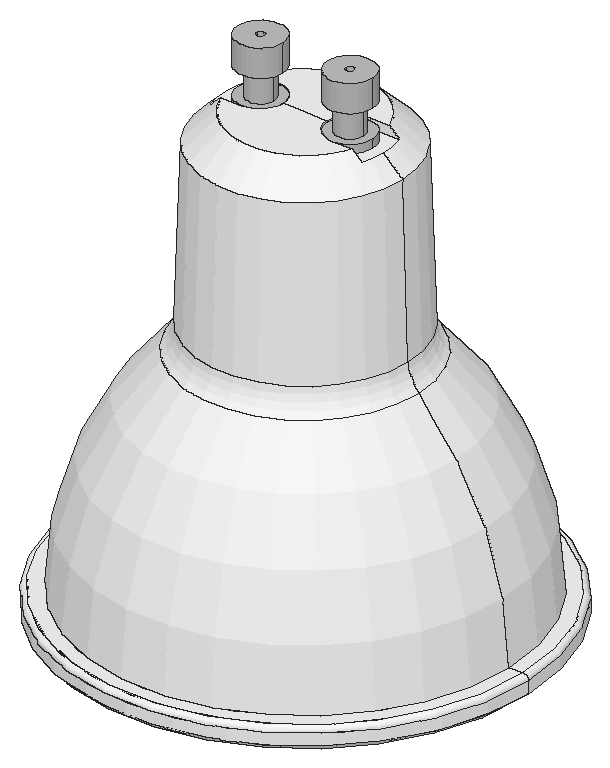
Revit family "STL21522_27", category Luminárias, Revit 2023
Family settings
  Cota do conector redondo = Utilizar diâmetro
  Tipo de parte = Normal
  Com base no plano de trabalho = Não
  Sempre na vertical = Sim
  Corte com vazios quando carregada = Não
  Fonte luminosa = Sim
  Manter orientação da anotação = Não
  Compartilhado = Não
  Ponto de cálculo do ambiente = Não
Parameters (values of type "STL21522/27 - 220V - 2700K - 350lm - 10°")
  Ângulo de inclinação = 90.00°
  Ângulo de Abertura = "10°"
  Wattage = 2.35624 W
  Vidro = Vidro
  URL = "https://stella.com.br/"
  Troca de temperatura da cor de lâmpada com esmaecimento = <Nenhum>
  Tensão Elétrica = "220V"
  built-in parameter 1150107 = 2700 (stored number, unit not read)
  Temperatura da cor (K) = 2700 K
  Referência = "STL21522/27 - 220V"
  Potência = 5.7 W
  built-in parameter 1150110 = 1 (stored number, unit not read)
  built-in parameter 1150109 = 1 (stored number, unit not read)
  built-in parameter 1114218 = 1 (stored number, unit not read)
  built-in parameter 1150112 = 1 (stored number, unit not read)
  built-in parameter 1150113 = 1 (stored number, unit not read)
  built-in parameter 1150142 = "IESNA:LM-63-2002\r\n[TEST] Viso BaseSpion - serial: 2183678036 sensor serial: 1483989726\r\n[TESTLAB] Viso BaseSpion - serial: 2183678036 sensor serial: 1483989726 - Test lab\r\n[MANUFAC] N/A\r\n[ISSUEDATE] 07/08/2021\r\n[LUMINAIRE] STELLA - STL21522/27 - DICROICA MR16 EVO 10° 5,7W DIMERIZAVEL 220V\r\n[LUMCAT] N/A\r\n[_SERIALNUMBER] VFR-210807-3601-MS\r\nTILT=NONE\r\n1 428 1 91 1 1 2 -0.463 -0.463 0.56\r\n1.0 1.0 5.88\r\n0 1 2 3 4 5 6 7 8 9 10 11 12 13 14 15 16 17 18 19 20 21 22 23 24 25 26 27 28 29 30 31 32 33 34 35 36 37 38 39 40 41 42 43 44 45 46 47 48 49 50 51 52 53 54 55 56 57 58 59 60 61 62 63 64 65 66 67 68 69 70 71 72 73 74 75 76 77 78 79 80\r\n 81 82 83 84 85 86 87 88 89 90\r\n0 \r\n4979.19873 4909.233887 4690.138672 4311.236328 3786.930176 3152.363525 2473.534912 1832.089233 1297.187866 895.381348 619.908813 448.712555 346.206146 277.943115 229.480865 194.019226 164.592712 138.479904 117.119789 101.430473 89.542931\r\n 80.177177 72.944397 67.338142 62.562599 58.334675 54.819599 52.105492 49.960327 48.191807 46.767376 45.639309 44.695984 43.693211 42.651955 41.753563 41.094814 40.737377 40.623108 40.652088 40.776115 40.987068 41.160721 41.202477\r\n 41.160492 41.054131 40.896126 40.66008 40.324352 39.994961 39.699787 39.360229 38.93103 38.422932 37.810253 37.102543 36.317219 35.405487 34.363579 33.208195 31.961214 30.603615 29.198944 27.822702 26.430981 25.072752 23.739988 22.461731\r\n 21.214699 19.991858 18.783331 17.559313 16.395395 15.263227 14.140355 13.061158 12.001249 10.952531 9.913855 8.891204 7.887712 6.895373 5.908016 4.932541 4.016744 3.159569 2.355203 1.646635 1.038874 0.553955 0.138987\r\n"
  built-in parameter 1150132 = 2
  built-in parameter 1150137 = (empty or 0)
  Modelo = "Dicroica MR16 EVO - Dimerizável"
  Luminoso [instance] = Luminoso - 2700
  built-in parameter 1150106 = 35.93 (stored number, unit not read)
  built-in parameter 1150102 = (empty or 0)
  built-in parameter 1150105 = 3593 (stored number, unit not read)
  IRC (Índice de reprodução de cores) = ">95 (R9 >80)"
  Grau de proteção (IP) = "IP20"
  Fluxo Luminoso = 350 lm
  Color Filter = 16777215
  built-in parameter 1114217 = 1 (stored number, unit not read)
  built-in parameter 1150139 = (empty or 0)
  Fabricante = "Stella"
  Estrutura [instance] = Al - Branco
  Default Elevation = 0.00 m
  built-in parameter 1150104 = 13.8 (stored number, unit not read)
  Diâmetro = 0.05 m
  Dimerização = "20-100%"
  built-in parameter 1150115 = 1 (stored number, unit not read)
  built-in parameter 1150114 = 1 (stored number, unit not read)
  Cromado [instance] = Cromado
  Lumens = 350 lm
  built-in parameter 1150138 = (empty or 0)
  built-in parameter 1150134 = (empty or 0)
  Arquivo de rede fotométrica = "STELLA - STL21522-27 - DICROICA MR16 EVO 10° 5,7W DIMERIZAVEL 220V.ies"
  Altura = 0.056 m
  built-in parameter 1150133 = 10 (stored number, unit not read)
Reference planes (m)
  plane 1 "Centro (Frente/Trás)": y = 0
  plane 2: z = 0
  plane 3 "Centro (Esquerda/Direita)": x = 0
  plane 4: x = 0.025
  plane 5: x = -0.025
  plane 6 "Superior": z = 0.0536
  plane 7 "Base": z = -0.0024
  plane 8: y = 0.025
  plane 9: y = -0.025
Forms (m)
  Extrusion 1, void
    sketch origin (0.007403, -0.129323, 0) x (1, 0, 0) y (0, 1, 0)
      loop
        arc (-0.009858, 0.129323) -> (-0.010631, 0.131192) -> (-0.0125, 0.131966) r 0.002642
        line (-0.0125, 0.131966) -> (-0.016641, 0.131966)
        arc (-0.016641, 0.131966) -> (-0.016798, 0.130733) -> (-0.016859, 0.129493) r 0.016069
        arc (-0.016859, 0.129493) -> (-0.016812, 0.128082) -> (-0.016641, 0.126681) r 0.016069
        line (-0.016641, 0.126681) -> (-0.0125, 0.126681)
        arc (-0.0125, 0.126681) -> (-0.010631, 0.127455) -> (-0.009858, 0.129323) r 0.002642
    from 0.0466 to 0.0476
  Extrusion 2, solid, material "Cromado" <- "Cromado"
    sketch origin (0, 0, 0) x (1, 0, 0) y (0, 1, 0)
      loop
        circle (-0.005, 0) r 0.0025
    from 0.0466 to 0.0475
  Extrusion 3, solid, material "Cromado" <- "Cromado"
    sketch origin (0, 0, 0) x (1, 0, 0) y (0, 1, 0)
      loop
        circle (-0.005, 0) r 0.0015
    from 0.0475 to 0.0506
  Extrusion 4, solid, material "Cromado" <- "Cromado"
    sketch origin (0, 0, 0) x (1, 0, 0) y (0, 1, 0)
      loop
        circle (-0.005, 0) r 0.0025
    from 0.0536 to 0.0506
  Extrusion 5, solid, material "Cromado" <- "Cromado"
    sketch origin (0, 0, 0) x (-1, 0, 0) y (0, -1, 0)
      loop
        circle (-0.005, 0) r 0.0025
    from 0.0466 to 0.0475
  Extrusion 6, solid, material "Cromado" <- "Cromado"
    sketch origin (0, 0, 0) x (-1, 0, 0) y (0, -1, 0)
      loop
        circle (-0.005, 0) r 0.0015
    from 0.0475 to 0.0506
  Extrusion 7, solid, material "Cromado" <- "Cromado"
    sketch origin (0, 0, 0) x (-1, 0, 0) y (0, -1, 0)
      loop
        circle (-0.005, 0) r 0.0025
    from 0.0536 to 0.0506
  Extrusion 8, void
    sketch origin (0, 0, 0) x (1, 0, 0) y (0, 1, 0)
      loop
        circle (-0.005, 0) r 0.00045
    from 0.0536 to 0.0474
  Extrusion 9, void
    sketch origin (0, 0, 0) x (-1, 0, 0) y (0, -1, 0)
      loop
        circle (-0.005, 0) r 0.00045
    from 0.0474 to 0.0536
  Revolve 10, solid, material "Al - Branco" <- "Estrutura"
    sketch origin (0, 0, 0) x (1, 0, 0) y (0, 0, 1)
      loop
        line (0.00775, 0.0476) -> (0, 0.0476) -> (0, 0.046) -> (0.00711, 0.046) -> (0.009319, 0.043896) -> (0.009901, 0.026547)
        arc (0.009901, 0.026547) -> (0.010373, 0.024475) -> (0.011583, 0.022729) r 0.0056
        arc (0.011583, 0.022729) -> (0.015924, 0.01746) -> (0.01904, 0.011386) r 0.031783
        arc (0.01904, 0.011386) -> (0.020153, 0.007263) -> (0.0204, 0.003) r 0.0208
        line (0.0204, 0.003) -> (0.020429, 0.001321)
        arc (0.020429, 0.001321) -> (0.022197, 0.000225) -> (0.023914, -0.00095) r 0.046279
        line (0.023914, -0.00095) -> (0.023448, -0.0016) -> (0.023148, -0.0024) -> (0.024334, -0.0024) -> (0.0249, -0.001834) -> (0.0249, -0.000564)
        arc (0.0249, -0.000564) -> (0.024735, -0.000165) -> (0.024336, 0) r 0.000564
        line (0.024336, 0) -> (0.02275, 0)
        arc (0.02275, 0) -> (0.020136, 0.012951) -> (0.012702, 0.023873) r 0.033383
        arc (0.012702, 0.023873) -> (0.011837, 0.02512) -> (0.0115, 0.0266) r 0.004
        line (0.0115, 0.0266) -> (0.010897, 0.044603) -> (0.00775, 0.0476)
      axis (0, 0.0476) -> (0, -0.0024)
    angle from 0 to 360
  Revolve 11, solid, material "Vidro" <- "Vidro"
    sketch origin (0, 0, 0) x (1, 0, 0) y (0, 0, 1)
      loop
        line (0.023148, -0.0024) -> (0.023448, -0.0016)
        arc (0.023448, -0.0016) -> (0.015991, 0.002743) -> (0.007848, 0.0056) r 0.045479
        line (0.007848, 0.0056) -> (0.007, 0.0056) -> (0.006434, 0.005034) -> (0.005869, 0.0056) -> (0.004103, 0.0056) -> (0.003002, 0.001326)
        arc (0.003002, 0.001326) -> (0.002274, -0.000007) -> (0.001, -0.000834) r 0.0031
        line (0.001, -0.000834) -> (0.001, -0.0024) -> (0.023148, -0.0024)
      axis (0, 0.0056) -> (0, -0.0024)
    angle from 0 to 360
  Revolve 12, solid, material "Cromado" <- "Cromado"
    sketch origin (0, 0, 0) x (1, 0, 0) y (0, 0, 1)
      loop
        line (0.023448, -0.0016) -> (0.023914, -0.00095)
        arc (0.023914, -0.00095) -> (0.016282, 0.00349) -> (0.007945, 0.0064) r 0.046279
        line (0.007945, 0.0064) -> (0.007848, 0.0056)
        arc (0.007848, 0.0056) -> (0.015991, 0.002743) -> (0.023448, -0.0016) r 0.045479
      axis (0, 0.0064) -> (0, -0.0016)
    angle from 0 to 360
  Revolve 13, solid, material "Luminoso - 2700" <- "Luminoso"
    sketch origin (0, 0, 0) x (1, 0, 0) y (0, 0, 1)
      loop
        line (0, 0.0064) -> (0, -0.0024) -> (0.001, -0.0024) -> (0.001, -0.000834)
        arc (0.001, -0.000834) -> (0.002274, -0.000007) -> (0.003002, 0.001326) r 0.0031
        line (0.003002, 0.001326) -> (0.004103, 0.0056) -> (0.005869, 0.0056) -> (0.006434, 0.005034) -> (0.007, 0.0056) -> (0.007848, 0.0056) -> (0.007945, 0.0064) -> (0, 0.0064)
      axis (0, 0.0064) -> (0, -0.0024)
    angle from 0 to 360
  Revolve 14, void
    sketch origin (0, 0, 0) x (1, 0, 0) y (0, 0, 1)
      loop
        line (0, 0.00669) -> (0, -0.00275) -> (0.0008, -0.00275) -> (0.0008, -0.000687)
        arc (0.0008, -0.000687) -> (0.002078, 0.000078) -> (0.002808, 0.001376) r 0.0029
        line (0.002808, 0.001376) -> (0.003897, 0.0056) -> (0.003897, 0.00669) -> (0, 0.00669)
      axis (0, 0.00669) -> (0, -0.00275)
    angle from 0 to 360
  Extrusion 15, void
    sketch origin (-0.007403, -0.129323, 0) x (-1, 0, 0) y (0, -1, 0)
      loop
        arc (-0.009858, -0.129323) -> (-0.010631, -0.127455) -> (-0.0125, -0.126681) r 0.002642
        line (-0.0125, -0.126681) -> (-0.016641, -0.126681)
        arc (-0.016641, -0.126681) -> (-0.016812, -0.128082) -> (-0.016859, -0.129493) r 0.016069
        arc (-0.016859, -0.129493) -> (-0.016798, -0.130733) -> (-0.016641, -0.131966) r 0.016069
        line (-0.016641, -0.131966) -> (-0.0125, -0.131966)
        arc (-0.0125, -0.131966) -> (-0.010631, -0.131192) -> (-0.009858, -0.129323) r 0.002642
    from 0.0466 to 0.0476
  Revolve 16, solid, material "Al - Branco" <- "Estrutura"
    sketch origin (0, 0, 0) x (1, 0, 0) y (0, 0, 1)
      loop
        line (-0.019419, 0.004158) -> (-0.019511, 0.0024) -> (-0.01871, 0.0024) -> (-0.01862, 0.004116) -> (-0.018532, 0.005797) -> (-0.016, 0.011) -> (0, 0.011) -> (0, 0.0118) -> (-0.015812, 0.0118)
        arc (-0.015812, 0.0118) -> (-0.016395, 0.011633) -> (-0.016801, 0.011181) r 0.0011
        line (-0.016801, 0.011181) -> (-0.019155, 0.006345)
        arc (-0.019155, 0.006345) -> (-0.019287, 0.00595) -> (-0.019346, 0.005538) r 0.002308
        line (-0.019346, 0.005538) -> (-0.019419, 0.004158)
      axis (0, 0.0118) -> (0, 0.0024)
    angle from 0 to 360
Cuts and joins
  Extrusion 8, Extrusion 9, Extrusion 15 cuts Extrusion 2
  Extrusion 8, Extrusion 9, Extrusion 15 cuts Extrusion 3
  Extrusion 8, Extrusion 9, Extrusion 15 cuts Extrusion 4
  joined: Extrusion 2, Extrusion 3, Extrusion 4
  Extrusion 9 cuts Extrusion 5
  Extrusion 9 cuts Extrusion 6
  Extrusion 9 cuts Extrusion 7
  joined: Extrusion 5, Extrusion 6, Extrusion 7
  Revolve 14 cuts Revolve 13
  Extrusion 1, Extrusion 15 cuts Revolve 10
Dimensions and locks (m)
  "Diâmetro": plane 8 to plane 9
  "Altura": plane 6 "Superior" to plane 7 "Base"
  aligned and locked: level to plane 2
  aligned and locked: plane 6 "Superior" to Extrusion 4
  aligned and locked: Extrusion 4 to Extrusion 8
  aligned and locked: cut or joined group of Extrusion 5, Extrusion 6, Extrusion 7, Extrusion 9 to Extrusion 9
  aligned and locked: Extrusion 3 to Extrusion 4
  aligned and locked: Extrusion 6 to Extrusion 7
Automatic sketch dimensions
  Extrusion 1 sketch curve to Extrusion 1 sketch curve = 0.00 m  (x4)
  plane 1 "Centro (Frente/Trás)" to Extrusion 1 sketch curve = 0.00 m  (x2)
  plane 1 "Centro (Frente/Trás)" to Extrusion 1 sketch curve = 0.002642 m
  Extrusion 1 sketch curve to plane 3 "Centro (Esquerda/Direita)" = 0.009238 m
  Extrusion 1 sketch curve to Extrusion 1 sketch curve = 0.004141 m
  plane 3 "Centro (Esquerda/Direita)" to Extrusion 1 sketch curve = 0.006612 m
  Extrusion 1 sketch curve to plane 1 "Centro (Frente/Trás)" = 0.00017 m
  plane 1 "Centro (Frente/Trás)" to Extrusion 2 sketch curve = 0.00 m
  Extrusion 2 sketch curve to plane 3 "Centro (Esquerda/Direita)" = 0.005 m
  plane 1 "Centro (Frente/Trás)" to Extrusion 3 sketch curve = 0.00 m
  Extrusion 3 sketch curve to plane 3 "Centro (Esquerda/Direita)" = 0.005 m
  plane 1 "Centro (Frente/Trás)" to Extrusion 4 sketch curve = 0.00 m
  Extrusion 4 sketch curve to plane 3 "Centro (Esquerda/Direita)" = 0.005 m
  plane 1 "Centro (Frente/Trás)" to Extrusion 5 sketch curve = 0.00 m
  plane 3 "Centro (Esquerda/Direita)" to Extrusion 5 sketch curve = 0.005 m
  plane 1 "Centro (Frente/Trás)" to Extrusion 6 sketch curve = 0.00 m
  plane 3 "Centro (Esquerda/Direita)" to Extrusion 6 sketch curve = 0.005 m
  plane 1 "Centro (Frente/Trás)" to Extrusion 7 sketch curve = 0.00 m
  plane 3 "Centro (Esquerda/Direita)" to Extrusion 7 sketch curve = 0.005 m
  plane 1 "Centro (Frente/Trás)" to Extrusion 8 sketch curve = 0.00 m
  Extrusion 8 sketch curve to plane 3 "Centro (Esquerda/Direita)" = 0.005 m
  plane 1 "Centro (Frente/Trás)" to Extrusion 9 sketch curve = 0.00 m
  plane 3 "Centro (Esquerda/Direita)" to Extrusion 9 sketch curve = 0.005 m
  Revolve 10 sketch curve to Revolve 10 sketch curve = 0.00 m  (x5)
  Revolve 10 sketch curve to level = 0.00 m
  Revolve 10 sketch curve to plane 3 "Centro (Esquerda/Direita)" = 0.00 m  (x2)
  Revolve 10 sketch curve to plane 7 "Base" = 0.00 m
  Revolve 10 sketch curve to plane 3 "Centro (Esquerda/Direita)" = 0.000379 m
  Revolve 10 sketch curve to plane 3 "Centro (Esquerda/Direita)" = 0.003067 m
  Revolve 10 sketch curve to plane 3 "Centro (Esquerda/Direita)" = 0.010633 m
  plane 3 "Centro (Esquerda/Direita)" to Revolve 10 sketch curve = 0.00711 m
  Revolve 10 sketch curve to Revolve 10 sketch curve = 0.00064 m
  Revolve 10 sketch curve to Revolve 10 sketch curve = 0.002209 m
  plane 3 "Centro (Esquerda/Direita)" to Revolve 10 sketch curve = 0.009901 m
  Revolve 10 sketch curve to Revolve 10 sketch curve = 0.001577 m
  Revolve 10 sketch curve to Revolve 10 sketch curve = 0.001599 m
  Revolve 10 sketch curve to Revolve 10 sketch curve = 0.003998 m
  Revolve 10 sketch curve to plane 4 = 0.0046 m
  level to Revolve 10 sketch curve = 0.001321 m
  Revolve 10 sketch curve to Revolve 10 sketch curve = 0.000029 m
  Revolve 10 sketch curve to plane 4 = 0.00225 m
  Revolve 10 sketch curve to plane 4 = 0.001852 m
  Revolve 10 sketch curve to Revolve 10 sketch curve = 0.0003 m
  Revolve 10 sketch curve to level = 0.00095 m
  Revolve 10 sketch curve to Revolve 10 sketch curve = 0.000466 m
  Revolve 10 sketch curve to plane 4 = 0.000666 m
  Revolve 10 sketch curve to plane 4 = 0.000664 m
  Revolve 10 sketch curve to plane 4 = 0.0001 m
  plane 7 "Base" to Revolve 10 sketch curve = 0.000566 m
  Revolve 10 sketch curve to Revolve 10 sketch curve = 0.00065 m
  Revolve 10 sketch curve to Revolve 10 sketch curve = 0.001679 m
  level to Revolve 10 sketch curve = 0.003935 m
  Revolve 10 sketch curve to Revolve 10 sketch curve = 0.01516 m
  Revolve 10 sketch curve to Revolve 10 sketch curve = 0.000053 m
  Revolve 10 sketch curve to Revolve 10 sketch curve = 0.000133 m
  Revolve 10 sketch curve to plane 6 "Superior" = 0.009704 m
  Revolve 10 sketch curve to Revolve 10 sketch curve = 0.000707 m
  Revolve 10 sketch curve to plane 6 "Superior" = 0.0076 m
  Revolve 10 sketch curve to Revolve 10 sketch curve = 0.0016 m
  Revolve 10 sketch curve to plane 7 "Base" = 0.002 m
  Revolve 10 sketch curve to Revolve 10 sketch curve = 0.0029 m
  Revolve 11 sketch curve to plane 3 "Centro (Esquerda/Direita)" = 0.00 m  (x2)
  Revolve 11 sketch curve to plane 7 "Base" = 0.00 m
  Revolve 11 sketch curve to plane 3 "Centro (Esquerda/Direita)" = 0.003067 m
  plane 3 "Centro (Esquerda/Direita)" to Revolve 11 sketch curve = 0.001 m
  level to Revolve 11 sketch curve = 0.001326 m
  Revolve 11 sketch curve to Revolve 11 sketch curve = 0.002002 m
  plane 3 "Centro (Esquerda/Direita)" to Revolve 11 sketch curve = 0.004103 m
  Revolve 11 sketch curve to Revolve 11 sketch curve = 0.001765 m
  Revolve 11 sketch curve to Revolve 11 sketch curve = 0.000566 m  (x3)
  Revolve 11 sketch curve to Revolve 11 sketch curve = 0.000848 m
  Revolve 11 sketch curve to plane 4 = 0.001852 m
  plane 7 "Base" to Revolve 11 sketch curve = 0.0008 m
  Revolve 11 sketch curve to Revolve 11 sketch curve = 0.0003 m
  Revolve 11 sketch curve to plane 7 "Base" = 0.03615 m
  Revolve 11 sketch curve to level = 0.000834 m
  Revolve 11 sketch curve to plane 7 "Base" = 0.004462 m
  Revolve 11 sketch curve to Revolve 11 sketch curve = 0.003517 m
  Revolve 12 sketch curve to Revolve 12 sketch curve = 0.00 m  (x2)
  Revolve 12 sketch curve to plane 3 "Centro (Esquerda/Direita)" = 0.00 m
  Revolve 12 sketch curve to plane 3 "Centro (Esquerda/Direita)" = 0.003067 m
  level to Revolve 12 sketch curve = 0.0056 m
  plane 3 "Centro (Esquerda/Direita)" to Revolve 12 sketch curve = 0.007848 m
  Revolve 12 sketch curve to Revolve 12 sketch curve = 0.000097 m
  plane 7 "Base" to Revolve 12 sketch curve = 0.0008 m
  Revolve 12 sketch curve to plane 4 = 0.001552 m
  Revolve 12 sketch curve to Revolve 12 sketch curve = 0.000466 m
  Revolve 12 sketch curve to Revolve 12 sketch curve = 0.00065 m
  Revolve 12 sketch curve to plane 7 "Base" = 0.002441 m
  Revolve 12 sketch curve to Revolve 12 sketch curve = 0.0018 m
  Revolve 13 sketch curve to plane 3 "Centro (Esquerda/Direita)" = 0.00 m  (x3)
  Revolve 13 sketch curve to plane 7 "Base" = 0.00 m
  plane 3 "Centro (Esquerda/Direita)" to Revolve 13 sketch curve = 0.001 m
  level to Revolve 13 sketch curve = 0.001326 m
  Revolve 13 sketch curve to Revolve 13 sketch curve = 0.002002 m
  plane 3 "Centro (Esquerda/Direita)" to Revolve 13 sketch curve = 0.004103 m
  Revolve 13 sketch curve to Revolve 13 sketch curve = 0.001765 m
  Revolve 13 sketch curve to Revolve 13 sketch curve = 0.000566 m  (x3)
  Revolve 13 sketch curve to Revolve 13 sketch curve = 0.000848 m
  Revolve 13 sketch curve to Revolve 13 sketch curve = 0.000097 m
  Revolve 13 sketch curve to level = 0.000834 m
  level to Revolve 13 sketch curve = 0.005034 m
  Revolve 13 sketch curve to Revolve 13 sketch curve = 0.0008 m
  Revolve 13 sketch curve to Revolve 13 sketch curve = 0.001103 m
  Revolve 13 sketch curve to Revolve 13 sketch curve = 0.001263 m
  Revolve 14 sketch curve to plane 3 "Centro (Esquerda/Direita)" = 0.00 m  (x3)
  Revolve 14 sketch curve to plane 7 "Base" = 0.00035 m
  Revolve 14 sketch curve to Revolve 14 sketch curve = 0.0008 m
  level to Revolve 14 sketch curve = 0.001376 m
  plane 3 "Centro (Esquerda/Direita)" to Revolve 14 sketch curve = 0.002808 m
  Revolve 14 sketch curve to Revolve 14 sketch curve = 0.003897 m
  Revolve 14 sketch curve to level = 0.000687 m
  Revolve 14 sketch curve to Revolve 14 sketch curve = 0.004224 m
  Revolve 14 sketch curve to Revolve 14 sketch curve = 0.00109 m
  Revolve 14 sketch curve to Revolve 14 sketch curve = 0.000876 m
  Revolve 14 sketch curve to Revolve 14 sketch curve = 0.000848 m
  Extrusion 15 sketch curve to Extrusion 15 sketch curve = 0.00 m  (x4)
  plane 1 "Centro (Frente/Trás)" to Extrusion 15 sketch curve = 0.00 m  (x2)
  plane 1 "Centro (Frente/Trás)" to Extrusion 15 sketch curve = 0.002642 m
  plane 3 "Centro (Esquerda/Direita)" to Extrusion 15 sketch curve = 0.009238 m
  Extrusion 15 sketch curve to Extrusion 15 sketch curve = 0.004141 m
  Extrusion 15 sketch curve to plane 3 "Centro (Esquerda/Direita)" = 0.006612 m
  Extrusion 15 sketch curve to plane 1 "Centro (Frente/Trás)" = 0.00017 m
  Revolve 16 sketch curve to plane 3 "Centro (Esquerda/Direita)" = 0.00 m  (x2)
  Revolve 16 sketch curve to level = 0.00 m
  plane 5 to Revolve 16 sketch curve = 0.009188 m
  Revolve 16 sketch curve to Revolve 16 sketch curve = 0.000188 m
  Revolve 16 sketch curve to Revolve 16 sketch curve = 0.000801 m  (x2)
  Revolve 16 sketch curve to Revolve 16 sketch curve = 0.001229 m
  Revolve 16 sketch curve to Revolve 16 sketch curve = 0.00149 m
  Revolve 16 sketch curve to Revolve 16 sketch curve = 0.000179 m
  Revolve 16 sketch curve to Revolve 16 sketch curve = 0.000623 m
  Revolve 16 sketch curve to Revolve 16 sketch curve = 0.000191 m
  level to Revolve 16 sketch curve = 0.0024 m
  Revolve 16 sketch curve to Revolve 16 sketch curve = 0.003017 m
  Revolve 16 sketch curve to Revolve 16 sketch curve = 0.000121 m
  Revolve 16 sketch curve to Revolve 16 sketch curve = 0.000547 m
  Revolve 16 sketch curve to Revolve 16 sketch curve = 0.005283 m
  Revolve 16 sketch curve to Revolve 16 sketch curve = 0.0003 m
  Revolve 16 sketch curve to Revolve 16 sketch curve = 0.000181 m
  Revolve 16 sketch curve to Revolve 16 sketch curve = 0.000727 m
  Revolve 16 sketch curve to Revolve 16 sketch curve = 0.00 m  (x4)
  Revolve 16 sketch curve to Revolve 16 sketch curve = 0.000799 m
  Revolve 16 sketch curve to Revolve 16 sketch curve = 0.001422 m
  Revolve 16 sketch curve to Revolve 16 sketch curve = 0.000042 m
  Revolve 16 sketch curve to Revolve 16 sketch curve = 0.002958 m
  radius of Extrusion 2 sketch curve = 0.0025 m
  radius of Extrusion 3 sketch curve = 0.0015 m
  radius of Extrusion 4 sketch curve = 0.0025 m
  radius of Extrusion 5 sketch curve = 0.0025 m
  radius of Extrusion 6 sketch curve = 0.0015 m
  radius of Extrusion 7 sketch curve = 0.0025 m
  radius of Extrusion 8 sketch curve = 0.00045 m
  radius of Extrusion 9 sketch curve = 0.00045 m
Connectors (m)
  electrical at (0, 0, 0.0536)
    settings: index 1, voltage 0 V, apparent load 0 VA, apparent load phase1 0 VA, apparent load phase2 0 VA, apparent load phase3 0 VA, power factor 1, load classification "Outro", number of poles 1, system type 31, power factor state 1, is connector primary yes, connector utility no, sub classification motor no, connector description ""
